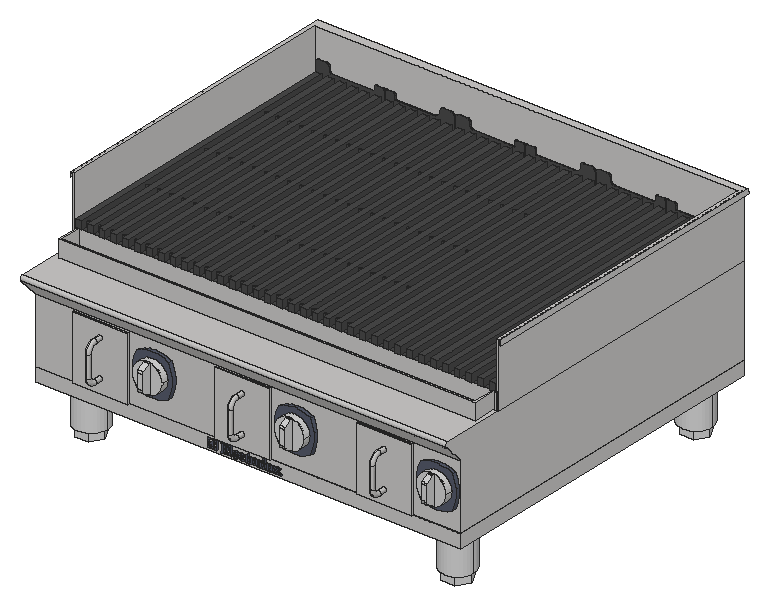
Revit family "QF_ELECTROLUXPROFESSIONAL_169121_AGG36", category Specialty Equipment, Revit 2018 (continued)
Lines and regions (in)
  symbolic lines
    curve 250: line (34.2815, -6.59738, 0) -> (33.77362, -6.59738, 0)
    curve 251: line (34.2815, -6.72238, 0) -> (33.77362, -6.72238, 0)
    curve 252: line (33.2815, -6.59738, 0) -> (32.77362, -6.59738, 0)
    curve 253: line (33.2815, -6.72238, 0) -> (32.77362, -6.72238, 0)
    curve 254: line (32.2815, -6.59738, 0) -> (31.77362, -6.59738, 0)
    curve 255: line (32.2815, -6.72238, 0) -> (31.77362, -6.72238, 0)
    curve 256: line (35.2815, -12.84738, 0) -> (34.77362, -12.84738, 0)
    curve 257: line (35.2815, -12.97238, 0) -> (34.77362, -12.97238, 0)
    curve 258: line (34.2815, -12.84738, 0) -> (33.77362, -12.84738, 0)
    curve 259: line (34.2815, -12.97238, 0) -> (33.77362, -12.97238, 0)
    curve 260: line (33.2815, -12.84738, 0) -> (32.77362, -12.84738, 0)
    curve 261: line (33.2815, -12.97238, 0) -> (32.77362, -12.97238, 0)
    curve 262: line (32.2815, -12.84738, 0) -> (31.77362, -12.84738, 0)
    curve 263: line (32.2815, -12.97238, 0) -> (31.77362, -12.97238, 0)
    curve 264: line (35.2815, -19.09738, 0) -> (34.77362, -19.09738, 0)
    curve 265: line (35.2815, -19.22238, 0) -> (34.77362, -19.22238, 0)
    curve 266: line (34.2815, -19.09738, 0) -> (33.77362, -19.09738, 0)
    curve 267: line (34.2815, -19.22238, 0) -> (33.77362, -19.22238, 0)
    curve 268: line (33.2815, -19.09738, 0) -> (32.77362, -19.09738, 0)
    curve 269: line (33.2815, -19.22238, 0) -> (32.77362, -19.22238, 0)
    curve 270: line (32.2815, -19.09738, 0) -> (31.77362, -19.09738, 0)
    curve 271: line (32.2815, -19.22238, 0) -> (31.77362, -19.22238, 0)
    curve 272: line (35.2815, -25.34738, 0) -> (34.77362, -25.34738, 0)
    curve 273: line (35.2815, -25.47238, 0) -> (34.77362, -25.47238, 0)
    curve 274: line (34.2815, -25.34738, 0) -> (33.77362, -25.34738, 0)
    curve 275: line (34.2815, -25.47238, 0) -> (33.77362, -25.47238, 0)
    curve 276: line (33.2815, -25.34738, 0) -> (32.77362, -25.34738, 0)
    curve 277: line (33.2815, -25.47238, 0) -> (32.77362, -25.47238, 0)
    curve 278: line (32.2815, -25.34738, 0) -> (31.77362, -25.34738, 0)
    curve 279: line (32.2815, -25.47238, 0) -> (31.77362, -25.47238, 0)
    curve 280: line (28.75787, -6.59738, 0) -> (29.26575, -6.59738, 0)
    curve 281: line (28.75787, -6.72238, 0) -> (29.26575, -6.72238, 0)
    curve 282: line (29.75787, -6.59738, 0) -> (30.26575, -6.59738, 0)
    curve 283: line (29.75787, -6.72238, 0) -> (30.26575, -6.72238, 0)
    curve 284: line (30.7735, -6.59738, 0) -> (31.28137, -6.59738, 0)
    curve 285: line (30.7735, -6.72238, 0) -> (31.28137, -6.72238, 0)
    curve 286: line (28.75787, -12.84738, 0) -> (29.26575, -12.84738, 0)
    curve 287: line (28.75787, -12.97238, 0) -> (29.26575, -12.97238, 0)
    curve 288: line (29.75787, -12.84738, 0) -> (30.26575, -12.84738, 0)
    curve 289: line (29.75787, -12.97238, 0) -> (30.26575, -12.97238, 0)
    curve 290: line (30.7735, -12.84738, 0) -> (31.28137, -12.84738, 0)
    curve 291: line (30.7735, -12.97238, 0) -> (31.28137, -12.97238, 0)
    curve 292: line (28.75787, -19.09738, 0) -> (29.26575, -19.09738, 0)
    curve 293: line (28.75787, -19.22238, 0) -> (29.26575, -19.22238, 0)
    curve 294: line (29.75787, -19.09738, 0) -> (30.26575, -19.09738, 0)
    curve 295: line (29.75787, -19.22238, 0) -> (30.26575, -19.22238, 0)
    curve 296: line (30.7735, -19.09738, 0) -> (31.28137, -19.09738, 0)
    curve 297: line (30.7735, -19.22238, 0) -> (31.28137, -19.22238, 0)
    curve 298: line (28.75787, -25.34738, 0) -> (29.26575, -25.34738, 0)
    curve 299: line (28.75787, -25.47238, 0) -> (29.26575, -25.47238, 0)
    curve 300: line (29.75787, -25.34738, 0) -> (30.26575, -25.34738, 0)
    curve 301: line (29.75787, -25.47238, 0) -> (30.26575, -25.47238, 0)
    curve 302: line (30.7735, -25.34738, 0) -> (31.28137, -25.34738, 0)
    curve 303: line (30.7735, -25.47238, 0) -> (31.28137, -25.47238, 0)
Dimensions and locks (in)
  locked: plane 5 "FRONT" to plane 1 "BACK" at 31.49658
  plane 6 "TOP" to level = 18 3/8"
  plane 1 "BACK" to plane 5 "FRONT" = 31.49658"
  plane 1 "BACK" to Extrusion 4 = 1 15/16"
  plane 3 "LEFT" to plane 4 "RIGHT" = 36"
  Extrusion 4 to Extrusion 2 = 25 3/16"
  Extrusion 11 to level = 6 15/16"
  Extrusion 1 to Extrusion 1 = 8 11/16"
  Extrusion 10 to plane 1 "BACK" = 8"
  Extrusion 10 to plane 3 "LEFT" to plane 4 "RIGHT" to Extrusion 10 = 6", 36", 6.00787"
  Extrusion 1 to cut or joined group of Extrusion 20, Extrusion 29 = 10 1/16"
  aligned and locked: level to plane 2
  aligned and locked: Extrusion 19 to Extrusion 18
  aligned: Extrusion 19 to Extrusion 18
Connectors (in)
  piping at (1.4375, 0.625, 6.9375), diameter 0.75
    settings: on Extrusion 11, index 1, connector inside diameter 3/4", connector length 0", flow factor 0, pipe flow 0 GPM, pressure drop 0.00 psi, fitting loss kfactor 0, connector angle 0.00°, fixture units 0, engagement length 0", angle of deflection 0.00°, flow configuration 1, flow direction 1, fitting loss method 0, system type 7, joint type 0, gender type 0, connector reference index -1, connector utility 0, adjustable connector no, is connector primary yes, connector description "Gas Connection"
